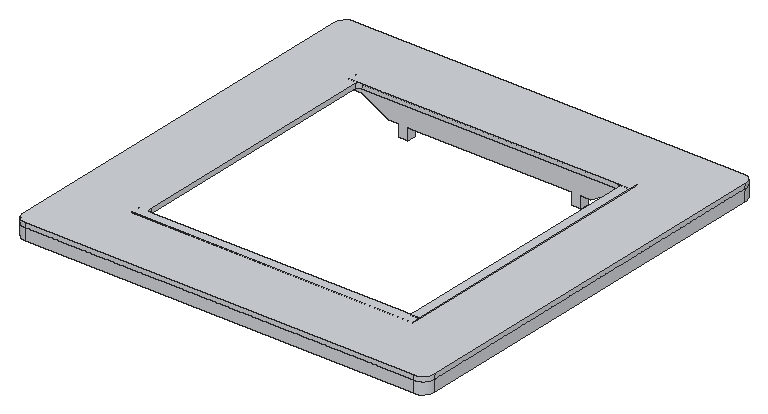
Revit family "Gira_0211095", category Electrical Fixtures, host Face, Revit 2017
Family settings
  Host = Face
  Maintain Annotation Orientation = No
  Round Connector Dimension = Use Diameter
  Part Type = Normal
  Cut with Voids When Loaded = No
  Shared = No
  Room Calculation Point = No
Parameters (values of type "Abdeckrahmen 1f flach Gira E2 Schwarz m")
  Werkstoffgüte = "Thermoplast"
  Werkstoff = "Kunststoff"
  URL = "http://katalog.gira.de/de_DE/datenblatt.html?artikelnr=0211095"
  Transparent = "No"
  Textfeld/Beschriftungsfläche = "No"
  Schutzart (IP) = "IP20"
  Region = "DE"
  Oberfläche = "sonstige"
  Name = "Abdeckrahmen 1f flach Gira E2 Schwarz m"
  Montagerichtung = "horizontal und vertikal"
  Mit Montagerahmen = "No"
  Mit Klappdeckel = "No"
  Manufacturer URL = "https://www.gira.de/"
  Keynote = "E2flach_Rahmen_1fach.stp"
  HeinzeBIM = "https://bimportal.heinze.de/bim/abdeckrahmen-1f-flach-gira-e2-schwarz-m/3ce94f59026e6c3a12e356bc989b1d3af5b51190"
  Halogenfrei = "Yes"
  HAN = "0211095"
  Geeignet für Unterputz-Installation = "Yes"
  Geeignet für Unterflurkanaldose = "No"
  Geeignet für Geräteeinbaukanal = "No"
  Geeignet für Einbauinstallation = "No"
  GTIN = "4010337036753"
  Farbe = "schwarz"
  Default Elevation = 1219.2 mm
  Data sheet (1) = "https://katalog.gira.de/de_DE/download.html?artikelnr=0211095"
  Category = "Abdeckrahmen"
  Befestigungsart = "Klemmbefestigung"
  Available = "Yes"
  Ausführung der Oberfläche = "matt"
  Anzahl der Einheiten vertikal = "1 "
  Anzahl der Einheiten horizontal = "1 "
  Anzahl der Einheiten = "1 "
Reference planes
  plane 1 "Center (Front/Back)": y = 0
  plane 2: z = 0
  plane 3 "Center (Left/Right)": x = 0
Forms (mm)
  Extrusion 1, solid, detail levels fine
    sketch origin (0, 0, 0) x (1, 0, 0) y (0, 1, 0)
      loop
        arc (-41.4, 43.9) -> (-43.168, 43.168) -> (-43.9, 41.4) r 2.5
        line (-43.9, 41.4) -> (-43.9, -41.4)
        arc (-43.9, -41.4) -> (-43.168, -43.168) -> (-41.4, -43.9) r 2.5
        line (-41.4, -43.9) -> (41.4, -43.9)
        arc (41.4, -43.9) -> (43.168, -43.168) -> (43.9, -41.4) r 2.5
        line (43.9, -41.4) -> (43.9, 41.4)
        arc (43.9, 41.4) -> (43.168, 43.168) -> (41.4, 43.9) r 2.5
        line (41.4, 43.9) -> (-41.4, 43.9)
      loop
        spline (-28.144, -27.245) -> (-28.136, -27.363) -> (-28.113, -27.478) -> (-28.075, -27.589) -> (-28.023, -27.695) -> (-27.958, -27.792) -> (-27.881, -27.881) -> (-27.792, -27.958) -> (-27.695, -28.023) -> (-27.589, -28.075) -> (-27.478, -28.113) -> (-27.363, -28.136) -> (-27.245, -28.144)
        line (-27.245, -28.144) -> (27.245, -28.144)
        spline (27.245, -28.144) -> (27.363, -28.136) -> (27.478, -28.113) -> (27.589, -28.075) -> (27.695, -28.023) -> (27.792, -27.958) -> (27.881, -27.881) -> (27.958, -27.792) -> (28.023, -27.695) -> (28.075, -27.589) -> (28.113, -27.478) -> (28.136, -27.363) -> (28.144, -27.245)
        line (28.144, -27.245) -> (28.144, 27.245)
        spline (28.144, 27.245) -> (28.136, 27.363) -> (28.113, 27.478) -> (28.075, 27.589) -> (28.023, 27.695) -> (27.958, 27.792) -> (27.881, 27.881) -> (27.792, 27.958) -> (27.695, 28.023) -> (27.589, 28.075) -> (27.478, 28.113) -> (27.363, 28.136) -> (27.245, 28.144)
        line (27.245, 28.144) -> (-27.245, 28.144)
        spline (-27.245, 28.144) -> (-27.363, 28.136) -> (-27.478, 28.113) -> (-27.589, 28.075) -> (-27.695, 28.023) -> (-27.792, 27.958) -> (-27.881, 27.881) -> (-27.958, 27.792) -> (-28.023, 27.695) -> (-28.075, 27.589) -> (-28.113, 27.478) -> (-28.136, 27.363) -> (-28.144, 27.245)
        line (-28.144, 27.245) -> (-28.144, -27.245)
    from 2.5 to 3.4
  Extrusion 2, solid, detail levels fine
    sketch origin (0, 0, 0) x (1, 0, 0) y (0, 1, 0)
      loop
        arc (-41.4, 43.9) -> (-43.168, 43.168) -> (-43.9, 41.4) r 2.5
        line (-43.9, 41.4) -> (-43.9, -41.4)
        arc (-43.9, -41.4) -> (-43.168, -43.168) -> (-41.4, -43.9) r 2.5
        line (-41.4, -43.9) -> (41.4, -43.9)
        arc (41.4, -43.9) -> (43.168, -43.168) -> (43.9, -41.4) r 2.5
        line (43.9, -41.4) -> (43.9, 41.4)
        arc (43.9, 41.4) -> (43.168, 43.168) -> (41.4, 43.9) r 2.5
        line (41.4, 43.9) -> (-41.4, 43.9)
      loop
        arc (-41.4, 43.4) -> (-42.814, 42.814) -> (-43.4, 41.4) r 2
        line (-43.4, 41.4) -> (-43.4, -41.4)
        arc (-43.4, -41.4) -> (-42.814, -42.814) -> (-41.4, -43.4) r 2
        line (-41.4, -43.4) -> (41.4, -43.4)
        arc (41.4, -43.4) -> (42.814, -42.814) -> (43.4, -41.4) r 2
        line (43.4, -41.4) -> (43.4, 41.4)
        arc (43.4, 41.4) -> (42.814, 42.814) -> (41.4, 43.4) r 2
        line (41.4, 43.4) -> (-41.4, 43.4)
    from 0 to 2.5
  Extrusion 3, solid, detail levels fine
    sketch origin (0, 0, 0) x (1, 0, 0) y (0, 0, 1)
      loop
        line (-17.5, -4.06) -> (-17.5, -1.56) -> (17.5, -1.56) -> (17.5, -4.06) -> (19.5, -4.06) -> (19.5, -1.56) -> (21.654, -1.56) -> (27.214, 1.65) -> (30, 1.65) -> (30, 3.4) -> (-30, 3.4) -> (-30, 1.65) -> (-27.214, 1.65) -> (-21.654, -1.56) -> (-19.5, -1.56) -> (-19.5, -4.06) -> (-17.5, -4.06)
    from 28.144 to 30
  Extrusion 4, solid, detail levels fine
    sketch origin (0, 0, 0) x (0, -1, 0) y (0, 0, -1)
      loop
        line (-17.5, 4.06) -> (-19.5, 4.06) -> (-19.5, 1.56) -> (-21.654, 1.56) -> (-27.214, -1.65) -> (-28.144, -1.65) -> (-28.144, -3.4) -> (28.144, -3.4) -> (28.144, -1.65) -> (27.214, -1.65) -> (21.654, 1.56) -> (19.5, 1.56) -> (19.5, 4.06) -> (17.5, 4.06) -> (17.5, 1.56) -> (-17.5, 1.56) -> (-17.5, 4.06)
    from 28.144 to 30
  Extrusion 5, solid, detail levels medium
    sketch origin (0, 0, 0) x (0, -1, 0) y (0, 0, 1)
      loop
        line (-17.5, -4.06) -> (-17.5, -1.56) -> (17.5, -1.56) -> (17.5, -4.06) -> (19.5, -4.06) -> (19.5, -1.56) -> (28.144, -1.56) -> (28.144, 3.4) -> (-28.144, 3.4) -> (-28.144, -1.56) -> (-19.5, -1.56) -> (-19.5, -4.06) -> (-17.5, -4.06)
    from 28.144 to 30
  Extrusion 6, solid, detail levels fine
    sketch origin (0, 0, 0) x (1, 0, 0) y (0, 0, -1)
      loop
        line (-17.5, 4.06) -> (-19.5, 4.06) -> (-19.5, 1.56) -> (-21.654, 1.56) -> (-27.214, -1.65) -> (-30, -1.65) -> (-30, -3.4) -> (30, -3.4) -> (30, -1.65) -> (27.214, -1.65) -> (21.654, 1.56) -> (19.5, 1.56) -> (19.5, 4.06) -> (17.5, 4.06) -> (17.5, 1.56) -> (-17.5, 1.56) -> (-17.5, 4.06)
    from 28.144 to 30
  Extrusion 7, solid, detail levels coarse
    sketch origin (0, 0, 0) x (1, 0, 0) y (0, 1, 0)
      loop
        line (-43.9, 43.9) -> (-43.9, -43.9) -> (43.9, -43.9) -> (43.9, 43.9) -> (-43.9, 43.9)
    from -4.06 to 3.4
  Extrusion 8, solid, detail levels medium
    sketch origin (0, 0, 0) x (1, 0, 0) y (0, 1, 0)
      loop
        line (-43.9, 43.9) -> (-43.9, -43.9) -> (43.9, -43.9) -> (43.9, 43.9) -> (-43.9, 43.9)
    from 0 to 3.4
  Extrusion 9, solid, detail levels medium
    sketch origin (0, 0, 0) x (1, 0, 0) y (0, 0, 1)
      loop
        line (-17.5, -4.06) -> (-17.5, -1.56) -> (17.5, -1.56) -> (17.5, -4.06) -> (19.5, -4.06) -> (19.5, -1.56) -> (30, -1.56) -> (30, 3.4) -> (-30, 3.4) -> (-30, -1.56) -> (-19.5, -1.56) -> (-19.5, -4.06) -> (-17.5, -4.06)
    from 28.144 to 30
  Extrusion 10, solid, detail levels medium
    sketch origin (0, 0, 0) x (1, 0, 0) y (0, 0, -1)
      loop
        line (-17.5, 4.06) -> (-19.5, 4.06) -> (-19.5, 1.56) -> (-30, 1.56) -> (-30, -3.4) -> (30, -3.4) -> (30, 1.56) -> (19.5, 1.56) -> (19.5, 4.06) -> (17.5, 4.06) -> (17.5, 1.56) -> (-17.5, 1.56) -> (-17.5, 4.06)
    from 28.144 to 30
  Extrusion 11, solid, detail levels medium
    sketch origin (0, 0, 0) x (0, -1, 0) y (0, 0, -1)
      loop
        line (-17.5, 4.06) -> (-19.5, 4.06) -> (-19.5, 1.56) -> (-28.144, 1.56) -> (-28.144, -3.4) -> (28.144, -3.4) -> (28.144, 1.56) -> (19.5, 1.56) -> (19.5, 4.06) -> (17.5, 4.06) -> (17.5, 1.56) -> (-17.5, 1.56) -> (-17.5, 4.06)
    from 28.144 to 30
Lines and regions (mm)
  reference lines
    curve 1: line (0, 43.9, 0) -> (0, -43.9, 0)
Dimensions and locks
  aligned and locked: plane 2 to host face
  aligned and locked: level to host face
